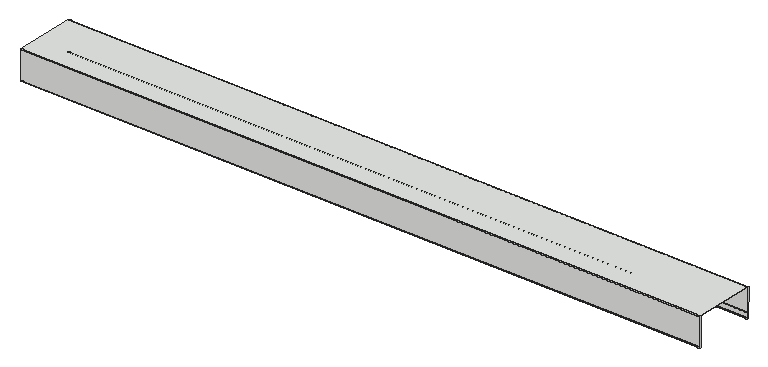
Revit family "profiles PR652 2015", category Generic Models, Revit 2015
Parameters (values of type "ISOLAMIN PR652 flashing")
  Profile Length [instance] = 1180 mm
Reference planes
  plane 1 "Center (Front/Back)": y = 0
  plane 2: z = 0
  plane 3 "Center (Left/Right)": x = 0
  plane 4: x = 1180
Forms (mm)
  Extrusion 1, solid, material "ISOLAMIN Surface Material"
    sketch origin (0, 33.87, -60.293) x (0, 1, 0) y (0, 0, 1)
      loop
        line (-34.847, 109.11) -> (-34.847, 70.11) -> (-35.847, 70.11) -> (-35.847, 61.11)
        arc (-35.847, 61.11) -> (-34.847, 60.11) -> (-33.847, 61.11) r 1
        line (-33.847, 61.11) -> (-33.847, 109.11)
        arc (-33.847, 109.11) -> (-34.14, 109.817) -> (-34.847, 110.11) r 1
        line (-34.847, 110.11) -> (-137.847, 110.11)
        arc (-137.847, 110.11) -> (-138.555, 109.817) -> (-138.847, 109.11) r 1
        line (-138.847, 109.11) -> (-138.847, 61.11)
        arc (-138.847, 61.11) -> (-137.847, 60.11) -> (-136.847, 61.11) r 1
        line (-136.847, 61.11) -> (-136.847, 70.11) -> (-137.847, 70.11) -> (-137.847, 109.11) -> (-34.847, 109.11)
    from 0 to 1180
Dimensions and locks
  "Profile Length": plane 3 "Center (Left/Right)" to plane 4
  aligned and locked: level to plane 2
  aligned and locked: plane 4 to Extrusion 1
Automatic sketch dimensions
  plane 1 "Center (Front/Back)" to Extrusion 1 sketch curve = 0.978 mm
  level to Extrusion 1 sketch curve = 48.816 mm
  Extrusion 1 sketch curve to Extrusion 1 sketch curve = 103 mm
  Extrusion 1 sketch curve to Extrusion 1 sketch curve = 39 mm  (x2)
  Extrusion 1 sketch curve to Extrusion 1 sketch curve = 0 mm  (x6)
  Extrusion 1 sketch curve to Extrusion 1 sketch curve = 9 mm  (x2)
  Extrusion 1 sketch curve to Extrusion 1 sketch curve = 1 mm
